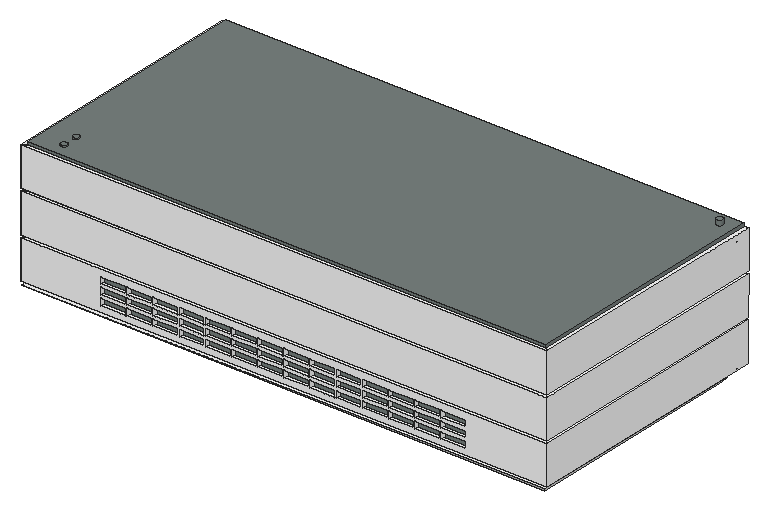
Revit family "AM 800 HBRE", category Mechanical Equipment, Revit 2019
Family settings
  Round Connector Dimension = Use Diameter
  Part Type = Normal
  OmniClass Number = 23.75.00.00
  OmniClass Title = Climate Control (HVAC)
  Work Plane-Based = No
  Always vertical = Yes
  Cut with Voids When Loaded = No
  Shared = No
  Room Calculation Point = No
Parameters
  Weight (Standard Unit) = 108  # constant formula
  Water Heater Surface Return = 10 mm  # constant formula
  Water Heater Surface IN = 10 mm  # constant formula
  URL = "www.airmaster-as.com"
  Total Width = 1910 mm  # constant formula
  Total Hight = 474 mm  # constant formula
  T-C Duct Exhaust = 252 mm  # constant formula
  T-C Duct Supply = 252 mm  # constant formula
  Suply Air In = 315 mm  # constant formula
  Sidepanlen Middel R [instance] = yes
  Side Panel Top R [instance] = yes
  Side Panel Top L [instance] = yes
  Side Panel Middle L [instance] = yes
  Side Panel Buttom R [instance] = yes
  Side Panel Buttom L [instance] = yes
  R-C Duct Exhaust = 222 mm  # constant formula
  Phase 1 - Max Power Consumption = "4035 W"
  Phase 1 - Max Current = "12 A"
  Nominal current, electrical preheating surface = "6,5 A"
  Nominal current, electrical comfort heating surface = "4,4 A"
  Nominal current, air handling unit = "1,1 A"
  Network Conection = "AWG 24 CAT 5e STP"
  Model = "AM 800 HBRE"
  Max. flow rate 35 dB(A) with ePM10 80% filters = 580.00 m³  # constant formula
  Max. flow rate 35 dB(A) with ePM10 55% filters = 653.00 m³  # constant formula
  Max. flow rate 35 dB(A) with ePM10 50% filters = 725.00 m³  # constant formula
  Max. flow rate 30 dB(A) with ePM10 80% filters = 520.00 m³  # constant formula
  Max. flow rate 30 dB(A) with ePM10 55% filters = 585.00 m³  # constant formula
  Max. flow rate 30 dB(A) with ePM10 50% filters = 650.00 m³  # constant formula
  Manufacturer = "Airmaster A/S"
  Maintenance [instance] = no
  L-C Duct ESupply = 255 mm  # constant formula
  Exhaust Air = 315 mm  # constant formula
  Total Depth = 916 mm  # constant formula
  Electrical connection = "1 ~ 230 V / N / PE / 50 Hz"
  Drawn By = "LSB"
  Condensate = 9 mm  # constant formula
  Center Panel Buttom [instance] = yes
  Center Panel Top [instance] = yes
  Center Panel Middle [instance] = yes
  BMS Panel = "(PTS) 2x2x0,6"
  BMS Out = "(PTS) 2x2x0,6"
  BMS IN = "(PTS) 2x2x0,6"
  Airflow area [instance] = no
  Air flow area [instance] = Airflow
Reference planes
  plane 1 "Center (Front/Back)": y = 0
  plane 2: z = 0
  plane 3 "Center (Left/Right)": x = 0
  plane 4 "Center L/S": y = -916
  plane 5 "Center L/T": x = -955
  plane 6 "Center L/U": x = 955
  plane 7 "TOP": z = 474
  plane 8 "Center L/V": x = -940
  plane 9 "Center L/W": y = -901
  plane 10 "Center L/X": x = 940
  plane 11 "Panel Buttom": z = 23
  plane 12 "Panel Top": z = 164.5
  plane 13 "Hatch": z = 14.5
  plane 14 "Center L/Z": z = 173.414
  plane 15 "Center L/AA": z = 314.914
  plane 16 "Center L/BB": z = 324.414
  plane 17 "Center L/CC": z = 465.914
Forms (mm)
  Extrusion 1, solid, material "AM Grey"
    sketch origin (0, 0, 0) x (1, 0, 0) y (0, 1, 0)
      loop
        line (-940, 0) -> (-940, -901) -> (940, -901) -> (940, 0) -> (-940, 0)
    from 14.5 to 474
  Extrusion 2, solid, material "AM White", visible <- "Side Panel Buttom L"
    sketch origin (794.5, -1524, 23) x (0, -1, 0) y (-1, 0, 0)
      loop
        line (-1524, 1749.5) -> (-1524, 1734.5) -> (-623, 1734.5) -> (-608, 1749.5) -> (-1524, 1749.5)
    from 0 to -141.5
  Blend 3, solid, material "AM White"
    base sketch origin (-790.646, -1524, 14.5) x (0, -1, 0) y (1, 0, 0)
      loop
        line (-608, -157.387) -> (-608, 1738.657) -> (-1435.677, 1738.657) -> (-1435.677, -157.387) -> (-608, -157.387)
    top sketch origin (-790.646, -1524, 14.5) x (0, -1, 0) y (1, 0, 0)
      loop
        line (-623, -146.037) -> (-623, 1727.646) -> (-1424.161, 1727.646) -> (-1424.161, -146.037) -> (-623, -146.037)
    from 0 to -14.5
  Extrusion 4, void
    sketch origin (1055.25, -916, 22.414) x (1, 0, 0) y (0, 0, -1)
      loop
        line (-1717.75, -118) -> (-1627.75, -118) -> (-1627.75, -93) -> (-1717.75, -93) -> (-1717.75, -118)
      loop
        line (-1717.75, -83) -> (-1627.75, -83) -> (-1627.75, -58) -> (-1717.75, -58) -> (-1717.75, -83)
      loop
        line (-1717.75, -48) -> (-1627.75, -48) -> (-1627.75, -23) -> (-1717.75, -23) -> (-1717.75, -48)
      loop
        line (-1622.75, -118) -> (-1532.75, -118) -> (-1532.75, -93) -> (-1622.75, -93) -> (-1622.75, -118)
      loop
        line (-1622.75, -83) -> (-1532.75, -83) -> (-1532.75, -58) -> (-1622.75, -58) -> (-1622.75, -83)
      loop
        line (-1622.75, -48) -> (-1532.75, -48) -> (-1532.75, -23) -> (-1622.75, -23) -> (-1622.75, -48)
      loop
        line (-1527.75, -118) -> (-1437.75, -118) -> (-1437.75, -93) -> (-1527.75, -93) -> (-1527.75, -118)
      loop
        line (-1527.75, -83) -> (-1437.75, -83) -> (-1437.75, -58) -> (-1527.75, -58) -> (-1527.75, -83)
      loop
        line (-1527.75, -48) -> (-1437.75, -48) -> (-1437.75, -23) -> (-1527.75, -23) -> (-1527.75, -48)
      loop
        line (-1432.75, -118) -> (-1342.75, -118) -> (-1342.75, -93) -> (-1432.75, -93) -> (-1432.75, -118)
      loop
        line (-1432.75, -83) -> (-1342.75, -83) -> (-1342.75, -58) -> (-1432.75, -58) -> (-1432.75, -83)
      loop
        line (-1432.75, -48) -> (-1342.75, -48) -> (-1342.75, -23) -> (-1432.75, -23) -> (-1432.75, -48)
      loop
        line (-1337.75, -118) -> (-1247.75, -118) -> (-1247.75, -93) -> (-1337.75, -93) -> (-1337.75, -118)
      loop
        line (-1337.75, -83) -> (-1247.75, -83) -> (-1247.75, -58) -> (-1337.75, -58) -> (-1337.75, -83)
      loop
        line (-1337.75, -48) -> (-1247.75, -48) -> (-1247.75, -23) -> (-1337.75, -23) -> (-1337.75, -48)
      loop
        line (-1242.75, -118) -> (-1152.75, -118) -> (-1152.75, -93) -> (-1242.75, -93) -> (-1242.75, -118)
      loop
        line (-1242.75, -83) -> (-1152.75, -83) -> (-1152.75, -58) -> (-1242.75, -58) -> (-1242.75, -83)
      loop
        line (-1242.75, -48) -> (-1152.75, -48) -> (-1152.75, -23) -> (-1242.75, -23) -> (-1242.75, -48)
      loop
        line (-1147.75, -118) -> (-1057.75, -118) -> (-1057.75, -93) -> (-1147.75, -93) -> (-1147.75, -118)
      loop
        line (-1147.75, -83) -> (-1057.75, -83) -> (-1057.75, -58) -> (-1147.75, -58) -> (-1147.75, -83)
      loop
        line (-1147.75, -48) -> (-1057.75, -48) -> (-1057.75, -23) -> (-1147.75, -23) -> (-1147.75, -48)
      loop
        line (-1052.75, -118) -> (-962.75, -118) -> (-962.75, -93) -> (-1052.75, -93) -> (-1052.75, -118)
      loop
        line (-1052.75, -83) -> (-962.75, -83) -> (-962.75, -58) -> (-1052.75, -58) -> (-1052.75, -83)
      loop
        line (-1052.75, -48) -> (-962.75, -48) -> (-962.75, -23) -> (-1052.75, -23) -> (-1052.75, -48)
      loop
        line (-957.75, -118) -> (-867.75, -118) -> (-867.75, -93) -> (-957.75, -93) -> (-957.75, -118)
      loop
        line (-957.75, -83) -> (-867.75, -83) -> (-867.75, -58) -> (-957.75, -58) -> (-957.75, -83)
      loop
        line (-957.75, -48) -> (-867.75, -48) -> (-867.75, -23) -> (-957.75, -23) -> (-957.75, -48)
      loop
        line (-862.75, -118) -> (-772.75, -118) -> (-772.75, -93) -> (-862.75, -93) -> (-862.75, -118)
      loop
        line (-862.75, -83) -> (-772.75, -83) -> (-772.75, -58) -> (-862.75, -58) -> (-862.75, -83)
      loop
        line (-862.75, -48) -> (-772.75, -48) -> (-772.75, -23) -> (-862.75, -23) -> (-862.75, -48)
      loop
        line (-767.75, -118) -> (-677.75, -118) -> (-677.75, -93) -> (-767.75, -93) -> (-767.75, -118)
      loop
        line (-767.75, -83) -> (-677.75, -83) -> (-677.75, -58) -> (-767.75, -58) -> (-767.75, -83)
      loop
        line (-767.75, -48) -> (-677.75, -48) -> (-677.75, -23) -> (-767.75, -23) -> (-767.75, -48)
      loop
        line (-672.75, -118) -> (-582.75, -118) -> (-582.75, -93) -> (-672.75, -93) -> (-672.75, -118)
      loop
        line (-672.75, -83) -> (-582.75, -83) -> (-582.75, -58) -> (-672.75, -58) -> (-672.75, -83)
      loop
        line (-672.75, -48) -> (-582.75, -48) -> (-582.75, -23) -> (-672.75, -23) -> (-672.75, -48)
      loop
        line (-577.75, -118) -> (-487.75, -118) -> (-487.75, -93) -> (-577.75, -93) -> (-577.75, -118)
      loop
        line (-577.75, -83) -> (-487.75, -83) -> (-487.75, -58) -> (-577.75, -58) -> (-577.75, -83)
      loop
        line (-577.75, -48) -> (-487.75, -48) -> (-487.75, -23) -> (-577.75, -23) -> (-577.75, -48)
      loop
        line (-482.75, -118) -> (-392.75, -118) -> (-392.75, -93) -> (-482.75, -93) -> (-482.75, -118)
      loop
        line (-482.75, -83) -> (-392.75, -83) -> (-392.75, -58) -> (-482.75, -58) -> (-482.75, -83)
      loop
        line (-482.75, -48) -> (-392.75, -48) -> (-392.75, -23) -> (-482.75, -23) -> (-482.75, -48)
    from 0 to 15
  Extrusion 5, solid, material "AM Grey"
    sketch origin (940, 0, 0) x (0, -1, 0) y (0, 0, -1)
      loop
        circle (48.75, -36.414) r 8
    from 0 to 15
  Extrusion 6, solid, material "AM Grey"
    sketch origin (-940, -878.072, 0.549) x (0, 1, 0) y (0, 0, -1)
      loop
        arc (97.447, -426.641) -> (85.619, -415.215) -> (74.05, -426.903) r 11.7
        arc (74.05, -426.903) -> (85.881, -438.614) -> (97.447, -426.641) r 11.7
    from 0 to 2
  Extrusion 7, solid, material "AM Grey"
    sketch origin (-940, -892.224, 0.658) x (0, 1, 0) y (0, 0, -1)
      loop
        arc (56.677, -428.239) -> (46.918, -415.112) -> (33.131, -423.914) r 12
        arc (33.131, -423.914) -> (42.582, -438.717) -> (56.677, -428.239) r 12
    from 0 to 2
  Extrusion 8, solid, material "AM Grey"
    sketch origin (-940, 0, 0) x (1, 0, 0) y (0, 0, -1)
      loop
        line (1459.628, -203.369) -> (1459.628, -438.369) -> (1819.628, -438.369) -> (1819.628, -203.369) -> (1459.628, -203.369)
    from 0 to 49
  Extrusion 9, solid, material "AM Grey"
    sketch origin (-785, 0, 0) x (1, 0, 0) y (0, 0, -1)
      loop
        line (-94.628, -438.369) -> (265.372, -438.369) -> (265.372, -203.369) -> (-94.628, -203.369) -> (-94.628, -438.369)
    from 0 to 49
  Extrusion 10, solid, material "AM Grey"
    sketch origin (-1697.474, 21.256, 474) x (1, 0, 0) y (0, 1, 0)
      loop
        arc (848.662, -826.53) -> (848, -804.55) -> (847.338, -826.53) r 11
        line (847.338, -826.53) -> (848.662, -826.53)
    from 0 to 2
  Extrusion 11, solid, material "AM Grey"
    sketch origin (-1697.474, 6.881, 474) x (1, 0, 0) y (0, 1, 0)
      loop
        arc (848.662, -867.28) -> (848, -845.3) -> (847.338, -867.28) r 11
        line (847.338, -867.28) -> (848.662, -867.28)
    from 0 to 2
  Extrusion 12, solid, material "Maintenece", visible <- "Maintenance"
    sketch origin (-790.646, -1524, 0) x (1, 0, 0) y (0, -1, 0)
      loop
        line (-164.354, -1524) -> (1745.646, -1524) -> (1745.646, -608) -> (-164.354, -608) -> (-164.354, -1524)
    from 0 to 1200
  Extrusion 13, void
    sketch origin (-955, 0, 23) x (0, 1, 0) y (0, 0, 1)
      loop
        line (-260.5, 116.914) -> (-350.5, 116.914) -> (-350.5, 88.55) -> (-260.5, 88.55) -> (-260.5, 116.914)
      loop
        line (-260.5, 83.55) -> (-350.5, 83.55) -> (-350.5, 55.55) -> (-260.5, 55.55) -> (-260.5, 83.55)
      loop
        line (-260.5, 50.55) -> (-350.5, 50.55) -> (-350.5, 22.55) -> (-260.5, 22.55) -> (-260.5, 50.55)
      loop
        line (-355.5, 116.914) -> (-445.5, 116.914) -> (-445.5, 88.55) -> (-355.5, 88.55) -> (-355.5, 116.914)
      loop
        line (-355.5, 83.55) -> (-445.5, 83.55) -> (-445.5, 55.55) -> (-355.5, 55.55) -> (-355.5, 83.55)
      loop
        line (-355.5, 50.55) -> (-445.5, 50.55) -> (-445.5, 22.55) -> (-355.5, 22.55) -> (-355.5, 50.55)
      loop
        line (-450.5, 116.914) -> (-540.5, 116.914) -> (-540.5, 88.55) -> (-450.5, 88.55) -> (-450.5, 116.914)
      loop
        line (-450.5, 83.55) -> (-540.5, 83.55) -> (-540.5, 55.55) -> (-450.5, 55.55) -> (-450.5, 83.55)
      loop
        line (-450.5, 50.55) -> (-540.5, 50.55) -> (-540.5, 22.55) -> (-450.5, 22.55) -> (-450.5, 50.55)
      loop
        line (-545.5, 116.914) -> (-635.5, 116.914) -> (-635.5, 88.55) -> (-545.5, 88.55) -> (-545.5, 116.914)
      loop
        line (-545.5, 83.55) -> (-635.5, 83.55) -> (-635.5, 55.55) -> (-545.5, 55.55) -> (-545.5, 83.55)
      loop
        line (-545.5, 50.55) -> (-635.5, 50.55) -> (-635.5, 22.55) -> (-545.5, 22.55) -> (-545.5, 50.55)
      loop
        line (-640.5, 116.914) -> (-730.5, 116.914) -> (-730.5, 88.55) -> (-640.5, 88.55) -> (-640.5, 116.914)
      loop
        line (-640.5, 83.55) -> (-730.5, 83.55) -> (-730.5, 55.55) -> (-640.5, 55.55) -> (-640.5, 83.55)
      loop
        line (-640.5, 50.55) -> (-730.5, 50.55) -> (-730.5, 22.55) -> (-640.5, 22.55) -> (-640.5, 50.55)
      loop
        line (-735.5, 116.914) -> (-825.5, 116.914) -> (-825.5, 88.55) -> (-735.5, 88.55) -> (-735.5, 116.914)
      loop
        line (-735.5, 83.55) -> (-825.5, 83.55) -> (-825.5, 55.55) -> (-735.5, 55.55) -> (-735.5, 83.55)
      loop
        line (-735.5, 50.55) -> (-825.5, 50.55) -> (-825.5, 22.55) -> (-735.5, 22.55) -> (-735.5, 50.55)
    from 0 to 15
  Extrusion 14, solid, material "AM Grey"
    sketch origin (0, 0, 474) x (1, 0, 0) y (0, 1, 0)
      loop
        arc (880.766, -33.956) -> (876.81, -38.388) -> (875.622, -44.209) r 11.4
        arc (875.622, -44.209) -> (897.19, -48.612) -> (880.766, -33.956) r 11.4
    from 0 to 15
  Extrusion 15, solid, material "AM Grey"
    sketch origin (940, 0, 0) x (0, -1, 0) y (0, 0, -1)
      loop
        circle (47.646, -447.784) r 8
    from 0 to 15
  Extrusion 16, solid, material "AM Grey"
    sketch origin (-940, 0, 0) x (1, 0, 0) y (0, 0, -1)
      loop
        circle (1813, -35) r 12
    from 0 to 15
  Extrusion 17, solid, material "AM White", visible <- "Sidepanlen Middel R"
    sketch origin (794.5, -1524, 173.414) x (0, -1, 0) y (-1, 0, 0)
      loop
        line (-1524, -160.5) -> (-608, -160.5) -> (-623, -145.5) -> (-1524, -145.5) -> (-1524, -160.5)
    from 0 to -141.5
  Extrusion 18, solid, material "AM White", visible <- "Center Panel Top"
    sketch origin (794.5, -1524, 324.414) x (0, -1, 0) y (-1, 0, 0)
      loop
        line (-608, -160.5) -> (-608, 1749.5) -> (-623, 1734.5) -> (-623, -145.5) -> (-608, -160.5)
    from 0 to -141.5
  Extrusion 19, solid, material "Airflow" <- "Air flow area", visible <- "Airflow area"
    sketch origin (-790.646, -1524, 0) x (1, 0, 0) y (0, -1, 0)
      loop
        line (-164.354, -1524) -> (-164.354, -608) -> (-664.354, -608) -> (-664.354, -1524) -> (-164.354, -1524)
    from 0 to -164.5
  Extrusion 20, solid, material "AM White"
    sketch origin (0, 0, 14.5) x (0, 1, 0) y (1, 0, 0)
      loop
        line (0, 940) -> (-88.323, 940) -> (-88.323, -940) -> (0, -940) -> (0, 940)
    from 0 to 3
  Extrusion 21, solid, material "AM White", visible <- "Side Panel Middle L"
    sketch origin (794.5, -1524, 173.414) x (0, -1, 0) y (-1, 0, 0)
      loop
        line (-1524, 1749.5) -> (-1524, 1734.5) -> (-623, 1734.5) -> (-608, 1749.5) -> (-1524, 1749.5)
    from 0 to -141.5
  Extrusion 22, solid, material "AM White", visible <- "Side Panel Top L"
    sketch origin (794.5, -1524, 324.414) x (0, -1, 0) y (-1, 0, 0)
      loop
        line (-1524, 1749.5) -> (-1524, 1734.5) -> (-623, 1734.5) -> (-608, 1749.5) -> (-1524, 1749.5)
    from 0 to -141.5
  Extrusion 23, solid, material "AM White", visible <- "Side Panel Top R"
    sketch origin (794.5, -1524, 324.414) x (0, -1, 0) y (-1, 0, 0)
      loop
        line (-1524, -160.5) -> (-608, -160.5) -> (-623, -145.5) -> (-1524, -145.5) -> (-1524, -160.5)
    from 0 to -141.5
  Extrusion 24, solid, material "AM White", visible <- "Side Panel Buttom R"
    sketch origin (794.5, -1524, 23) x (0, -1, 0) y (-1, 0, 0)
      loop
        line (-1524, -160.5) -> (-608, -160.5) -> (-623, -145.5) -> (-1524, -145.5) -> (-1524, -160.5)
    from 0 to -141.5
  Extrusion 25, solid, material "AM White"
    sketch origin (794.5, -1524, 173.414) x (0, -1, 0) y (-1, 0, 0)
      loop
        line (-608, -160.5) -> (-608, 1749.5) -> (-623, 1734.5) -> (-623, -145.5) -> (-608, -160.5)
    from 0 to -141.5
  Extrusion 26, solid, material "AM White"
    sketch origin (794.5, -1524, 23) x (0, -1, 0) y (-1, 0, 0)
      loop
        line (-608, -160.5) -> (-608, 1749.5) -> (-623, 1734.5) -> (-623, -145.5) -> (-608, -160.5)
    from 0 to -141.5
Cuts and joins
  Extrusion 4, Extrusion 13 cuts Extrusion 1
  Extrusion 4, Extrusion 13 cuts Extrusion 2
  Extrusion 4 cuts Extrusion 17
  Extrusion 4 cuts Extrusion 18
  Extrusion 4 cuts Extrusion 25
  Extrusion 4 cuts Extrusion 26
Dimensions and locks
  "Total Depth": plane 4 "Center L/S" to plane 1 "Center (Front/Back)"
  equal spacing: plane 5 "Center L/T", plane 3 "Center (Left/Right)", plane 6 "Center L/U"
  "Total Width": plane 5 "Center L/T" to plane 6 "Center L/U"
  "Total Hight": plane 7 "TOP" to level
  locked: plane 10 "Center L/X" to plane 6 "Center L/U" at 15
  locked: plane 4 "Center L/S" to plane 9 "Center L/W" at 15
  locked: plane 5 "Center L/T" to plane 8 "Center L/V" at 15
  Extrusion 1 to Blend 3 sketch curve = 99.839 mm
  Extrusion 16 sketch curve to plane 5 "Center L/T" = 1828 mm
  Extrusion 16 sketch curve to plane 7 "TOP" = 439 mm
  locked: Extrusion 9 sketch curve to Extrusion 9 sketch curve at 360
  locked: Extrusion 9 sketch curve to Extrusion 9 sketch curve at 235
  Extrusion 9 sketch curve to plane 7 "TOP" = 35.631 mm
  plane 5 "Center L/T" to Extrusion 9 sketch curve = 75.372 mm
  aligned and locked: level to plane 2
  aligned and locked: plane 1 "Center (Front/Back)" to Extrusion 1 sketch curve
  aligned and locked: Extrusion 1 sketch curve to plane 8 "Center L/V"
  aligned and locked: Extrusion 1 sketch curve to plane 9 "Center L/W"
  aligned and locked: Extrusion 1 sketch curve to plane 10 "Center L/X"
  aligned and locked: plane 7 "TOP" to Extrusion 1
  aligned and locked: plane 5 "Center L/T" to Extrusion 2 sketch curve
  aligned and locked: Extrusion 2 sketch curve to Extrusion 1
  aligned and locked: Extrusion 2 to plane 12 "Panel Top"
  aligned and locked: Blend 3 to plane 2
  aligned and locked: Extrusion 1 to plane 13 "Hatch"
  aligned and locked: Extrusion 12 sketch curve to cut or joined group of Extrusion 2, Extrusion 4, Extrusion 13  (x2)
  aligned and locked: Extrusion 17 to plane 15 "Center L/AA"
  aligned and locked: Extrusion 18 to plane 17 "Center L/CC"
Automatic sketch dimensions
  plane 1 "Center (Front/Back)" to Extrusion 2 sketch curve = 0 mm
  Extrusion 2 sketch curve to plane 9 "Center L/W" = 0 mm
  plane 4 "Center L/S" to Extrusion 2 sketch curve = 0 mm
  plane 4 "Center L/S" to Blend 3 sketch curve = 0 mm
  Blend 3 sketch curve to plane 6 "Center L/U" = 6.989 mm
  plane 1 "Center (Front/Back)" to Blend 3 sketch curve = 88.323 mm
  plane 5 "Center L/T" to Blend 3 sketch curve = 6.967 mm
  Blend 3 sketch curve to plane 9 "Center L/W" = 0 mm
  plane 8 "Center L/V" to Blend 3 sketch curve = 3.316 mm
  Blend 3 sketch curve to plane 10 "Center L/X" = 3 mm
  plane 17 "Center L/CC" to Extrusion 4 sketch curve = 325.5 mm  (x2)
  plane 8 "Center L/V" to Extrusion 4 sketch curve = 277.5 mm
  Extrusion 4 sketch curve to Extrusion 4 sketch curve = 0 mm  (x86)
  Extrusion 4 sketch curve to Extrusion 4 sketch curve = 90 mm  (x13)
  Extrusion 4 sketch curve to Extrusion 4 sketch curve = 5 mm  (x36)
  Extrusion 4 sketch curve to plane 3 "Center (Left/Right)" = 2.5 mm  (x3)
  plane 3 "Center (Left/Right)" to Extrusion 4 sketch curve = 2.5 mm  (x3)
  Extrusion 4 sketch curve to Extrusion 4 sketch curve = 25 mm  (x10)
  Extrusion 4 sketch curve to Extrusion 4 sketch curve = 10 mm  (x9)
  plane 16 "Center L/BB" to Extrusion 4 sketch curve = 279 mm  (x5)
  Extrusion 1 to Extrusion 5 sketch curve = 21.914 mm
  Extrusion 1 to Extrusion 5 sketch curve = 48.75 mm
  Extrusion 6 sketch curve to Extrusion 6 sketch curve = 0 mm  (x2)
  Extrusion 1 to Extrusion 6 sketch curve = 46.537 mm
  Extrusion 6 sketch curve to Extrusion 1 = 108.678 mm
  Extrusion 6 sketch curve to Extrusion 6 sketch curve = 11.7 mm
  Extrusion 6 sketch curve to Extrusion 6 sketch curve = 11.697 mm
  Extrusion 6 sketch curve to Extrusion 6 sketch curve = 0.011 mm
  Extrusion 7 sketch curve to Extrusion 7 sketch curve = 0 mm  (x2)
  Extrusion 7 sketch curve to Extrusion 1 = 53.526 mm
  Extrusion 1 to Extrusion 7 sketch curve = 46.428 mm
  Extrusion 7 sketch curve to Extrusion 7 sketch curve = 11.619 mm
  Extrusion 7 sketch curve to Extrusion 7 sketch curve = 11.927 mm
  Extrusion 7 sketch curve to Extrusion 7 sketch curve = 1.325 mm
  Extrusion 10 sketch curve to Extrusion 1 = 89.864 mm
  Extrusion 10 sketch curve to Extrusion 10 sketch curve = 0.662 mm
  Extrusion 10 sketch curve to Extrusion 1 = 95.726 mm
  Extrusion 10 sketch curve to Extrusion 10 sketch curve = 10.98 mm
  Extrusion 11 sketch curve to Extrusion 1 = 89.864 mm
  Extrusion 11 sketch curve to Extrusion 11 sketch curve = 0.662 mm
  Extrusion 11 sketch curve to Extrusion 1 = 40.601 mm
  Extrusion 11 sketch curve to Extrusion 11 sketch curve = 10.98 mm
  Extrusion 12 sketch curve to Blend 3 = 18 mm
  Extrusion 12 sketch curve to Blend 3 = 15 mm
  Extrusion 13 sketch curve to Extrusion 2 = 22.55 mm  (x2)
  Extrusion 2 to Extrusion 13 sketch curve = 90.5 mm
  Extrusion 13 sketch curve to Extrusion 13 sketch curve = 0 mm  (x33)
  Extrusion 13 sketch curve to Extrusion 13 sketch curve = 90 mm  (x6)
  Extrusion 13 sketch curve to Extrusion 13 sketch curve = 5 mm  (x21)
  Extrusion 13 sketch curve to Extrusion 13 sketch curve = 28 mm  (x6)
  Extrusion 13 sketch curve to Extrusion 2 = 24.586 mm  (x3)
  Extrusion 14 sketch curve to Extrusion 14 sketch curve = 0 mm  (x2)
  Extrusion 14 sketch curve to Extrusion 1 = 53 mm
  Extrusion 14 sketch curve to Extrusion 1 = 43.5 mm
  Extrusion 14 sketch curve to Extrusion 14 sketch curve = 6.234 mm
  Extrusion 14 sketch curve to Extrusion 14 sketch curve = 11.378 mm
  Extrusion 14 sketch curve to Extrusion 14 sketch curve = 0.709 mm
  Extrusion 1 to Extrusion 15 sketch curve = 47.646 mm
  Extrusion 1 to Extrusion 15 sketch curve = 26.216 mm
  plane 1 "Center (Front/Back)" to Extrusion 17 sketch curve = 0 mm
  plane 9 "Center L/W" to Extrusion 17 sketch curve = 0 mm
  plane 4 "Center L/S" to Extrusion 17 sketch curve = 0 mm
  Extrusion 17 sketch curve to plane 10 "Center L/X" = 0 mm
  Extrusion 17 sketch curve to plane 6 "Center L/U" = 0 mm
  plane 9 "Center L/W" to Extrusion 18 sketch curve = 0 mm
  plane 4 "Center L/S" to Extrusion 18 sketch curve = 0 mm
  Extrusion 18 sketch curve to plane 5 "Center L/T" = 0 mm
  Extrusion 18 sketch curve to plane 8 "Center L/V" = 0 mm
  Extrusion 18 sketch curve to plane 10 "Center L/X" = 0 mm
  Extrusion 18 sketch curve to plane 6 "Center L/U" = 0 mm
  Extrusion 19 sketch curve to Blend 3 = 99.839 mm
  Extrusion 19 sketch curve to Blend 3 = 518.316 mm
  Extrusion 19 sketch curve to Blend 3 = 18.316 mm
  Extrusion 19 sketch curve to Blend 3 = 15 mm
  Extrusion 20 sketch curve to Extrusion 1 = 0 mm  (x2)
  Extrusion 1 to Extrusion 20 sketch curve = 0 mm
  Extrusion 1 to Extrusion 20 sketch curve = 88.323 mm
  plane 1 "Center (Front/Back)" to Extrusion 21 sketch curve = 0 mm
  Extrusion 21 sketch curve to plane 8 "Center L/V" = 0 mm
  Extrusion 21 sketch curve to plane 9 "Center L/W" = 0 mm
  plane 4 "Center L/S" to Extrusion 21 sketch curve = 0 mm
  Extrusion 21 sketch curve to plane 5 "Center L/T" = 0 mm
  plane 1 "Center (Front/Back)" to Extrusion 22 sketch curve = 0 mm
  Extrusion 22 sketch curve to plane 8 "Center L/V" = 0 mm
  Extrusion 22 sketch curve to plane 9 "Center L/W" = 0 mm
  plane 4 "Center L/S" to Extrusion 22 sketch curve = 0 mm
  Extrusion 22 sketch curve to plane 5 "Center L/T" = 0 mm
  plane 1 "Center (Front/Back)" to Extrusion 23 sketch curve = 0 mm
  plane 9 "Center L/W" to Extrusion 23 sketch curve = 0 mm
  plane 4 "Center L/S" to Extrusion 23 sketch curve = 0 mm
  Extrusion 23 sketch curve to plane 10 "Center L/X" = 0 mm
  Extrusion 23 sketch curve to plane 6 "Center L/U" = 0 mm
  plane 1 "Center (Front/Back)" to Extrusion 24 sketch curve = 0 mm
  plane 9 "Center L/W" to Extrusion 24 sketch curve = 0 mm
  plane 4 "Center L/S" to Extrusion 24 sketch curve = 0 mm
  Extrusion 24 sketch curve to plane 10 "Center L/X" = 0 mm
  Extrusion 24 sketch curve to plane 6 "Center L/U" = 0 mm
  plane 9 "Center L/W" to Extrusion 25 sketch curve = 0 mm
  plane 4 "Center L/S" to Extrusion 25 sketch curve = 0 mm
  Extrusion 25 sketch curve to plane 5 "Center L/T" = 0 mm
  Extrusion 25 sketch curve to plane 8 "Center L/V" = 0 mm
  Extrusion 25 sketch curve to plane 10 "Center L/X" = 0 mm
  Extrusion 25 sketch curve to plane 6 "Center L/U" = 0 mm
  plane 9 "Center L/W" to Extrusion 26 sketch curve = 0 mm
  plane 4 "Center L/S" to Extrusion 26 sketch curve = 0 mm
  Extrusion 26 sketch curve to plane 5 "Center L/T" = 0 mm
  Extrusion 26 sketch curve to plane 8 "Center L/V" = 0 mm
  Extrusion 26 sketch curve to plane 10 "Center L/X" = 0 mm
  Extrusion 26 sketch curve to plane 6 "Center L/U" = 0 mm
  Extrusion 1 to Extrusion 8 sketch curve = 35.631 mm
  Extrusion 1 to Extrusion 8 sketch curve = 188.869 mm
  Extrusion 8 sketch curve to Extrusion 1 = 60.372 mm
  Extrusion 8 sketch curve to Extrusion 8 sketch curve = 360 mm
  radius of Extrusion 5 sketch curve = 8 mm
  radius of Extrusion 15 sketch curve = 8 mm
  radius of Extrusion 16 sketch curve = 12 mm
Nested families
  nested 1: "Model Label 2019" at (10, -361.924, 0), Label <- "Model", type "Model Label 2019"
    with Label "AM 800 HBRE"
  nested 2: "indblæssymbol" at (11.742, -966, 0) x (0, -1, 0) z (0, 0, 1), type "indblæssymbol"
    with dX_ 609 mm, dX 609 mm, ang2D 0.00°
  nested 3: "Pil Indtag" at (-1505, -460, 0), type "Pil Indtag"
    with dX_ 609 mm, dX 609 mm, ang2D 0.00°
Connectors
  piping at (-942, -847.32, 426.735), diameter 10, driven by "Water Heater Surface IN"
    settings: on Extrusion 7, index 6, connector inside diameter 609.6 mm, connector length 0 mm, flow factor 0, pipe flow 0.0 L/s, pressure drop 0.0 Pa, fitting loss kfactor 0, connector angle 0.00°, fixture units 0, engagement length 0 mm, angle of deflection 0.00°, flow configuration 0, flow direction 1, fitting loss method 0, system type 7, joint type 0, gender type 0, connector reference index -1, connector utility 0, adjustable connector no, is connector primary yes, connector description ""
  piping at (-942, -792.324, 427.321), diameter 10, driven by "Water Heater Surface Return"
    settings: on Extrusion 6, index 7, connector inside diameter 609.6 mm, connector length 0 mm, flow factor 0, pipe flow 0.0 L/s, pressure drop 0.0 Pa, fitting loss kfactor 0, connector angle 0.00°, fixture units 0, engagement length 0 mm, angle of deflection 0.00°, flow configuration 0, flow direction 2, fitting loss method 0, system type 8, joint type 0, gender type 0, connector reference index -1, connector utility 0, adjustable connector no, is connector primary no, connector description ""
  piping at (-849.474, -860.399, 476), diameter 10, driven by "Water Heater Surface IN"
    settings: on Extrusion 11, index 11, connector inside diameter 609.6 mm, connector length 0 mm, flow factor 0, pipe flow 0.0 L/s, pressure drop 0.0 Pa, fitting loss kfactor 0, connector angle 0.00°, fixture units 0, engagement length 0 mm, angle of deflection 0.00°, flow configuration 0, flow direction 0, fitting loss method 0, system type 19, joint type 0, gender type 0, connector reference index -1, connector utility 0, adjustable connector no, is connector primary no, connector description ""
  piping at (-849.474, -805.274, 476), diameter 10, driven by "Water Heater Surface Return"
    settings: on Extrusion 10, index 12, connector inside diameter 609.6 mm, connector length 0 mm, flow factor 0, pipe flow 0.0 L/s, pressure drop 0.0 Pa, fitting loss kfactor 0, connector angle 0.00°, fixture units 0, engagement length 0 mm, angle of deflection 0.00°, flow configuration 0, flow direction 0, fitting loss method 0, system type 19, joint type 0, gender type 0, connector reference index -1, connector utility 0, adjustable connector no, is connector primary no, connector description ""
  electrical at (955, -47.646, 447.784)
    settings: on Extrusion 15, index 13, voltage 230 V, apparent load 0 VA, apparent load phase1 0 VA, apparent load phase2 0 VA, apparent load phase3 0 VA, power factor 0.56, load classification "Other", number of poles 1, system type 30, power factor state 1, is connector primary yes, connector utility no, sub classification motor no, connector description ""
  electrical at (878.194, -39.082, 489)
    settings: on Extrusion 14, index 14, voltage 230 V, apparent load 0 VA, apparent load phase1 0 VA, apparent load phase2 0 VA, apparent load phase3 0 VA, power factor 0.56, load classification "Other", number of poles 1, system type 30, power factor state 1, is connector primary no, connector utility no, sub classification motor no, connector description ""
  piping at (955, -48.75, 36.414), diameter 9, driven by "Condensate"
    settings: on Extrusion 5, index 15, connector inside diameter 609.6 mm, connector length 0 mm, flow factor 0, pipe flow 0.0 L/s, pressure drop 0.0 Pa, fitting loss kfactor 0, connector angle 0.00°, fixture units 0, engagement length 0 mm, angle of deflection 0.00°, flow configuration 0, flow direction 0, fitting loss method 0, system type 16, joint type 0, gender type 0, connector reference index -1, connector utility 0, adjustable connector no, is connector primary no, connector description ""
  piping at (873, 15, 35), diameter 9, driven by "Condensate"
    settings: on Extrusion 16, index 16, connector inside diameter 609.6 mm, connector length 0 mm, flow factor 0, pipe flow 0.0 L/s, pressure drop 0.0 Pa, fitting loss kfactor 0, connector angle 0.00°, fixture units 0, engagement length 0 mm, angle of deflection 0.00°, flow configuration 0, flow direction 0, fitting loss method 0, system type 16, joint type 0, gender type 0, connector reference index -1, connector utility 0, adjustable connector no, is connector primary no, connector description ""
  hvac at (699.628, 0, 320.869), driven by "Exhaust Air"
    settings: on Extrusion 8, index 17, duct flow 0.0 L/s, flow factor 0, pres drop 0.0 Pa, loss coef 0, conn angle 0.00°, conn width 360 mm, conn height 235 mm, conn diameter 315 mm, duct sys type 3, conn prof type 1, flow config 0, flow direction 2, loss method 0, conn ref index -1, conn util no, is conn primary yes, conn desc ""
  hvac at (-699.628, 0, 320.869), driven by "Suply Air In"
    settings: on Extrusion 9, index 18, duct flow 0.0 L/s, flow factor 0, pres drop 0.0 Pa, loss coef 0, conn angle 0.00°, conn width 360 mm, conn height 235 mm, conn diameter 315 mm, duct sys type 1, conn prof type 1, flow config 0, flow direction 1, loss method 0, conn ref index -1, conn util no, is conn primary no, conn desc ""
Definition of nested family "Model Label 2019"
  Parameters (values of type "Model Label 2019")
    Label [instance] = ""
  Reference planes
    plane 1: y = 0
    plane 2: x = 0
  Text (mm)
    label "Label" at (-0.131, 0.049, 0), shows "Label"
Definition of nested family "indblæssymbol"
  Parameters (values of type "indblæssymbol")
    dX_ [instance] = if(dX = 0 mm, 1 mm, dX)  # 609 mm
    dX [instance] = 609 mm
    ang2D [instance] = 0.00°
    Type Comments = "DO NOT CHANGE dX value from 608 mm ( 2 ft )"
    Afstand pil = 50 mm
  Reference planes
    plane 1 "Center (Front/Back)": y = 0
    plane 2: z = 0
    plane 3 "Center (Left/Right)": x = 0
  Lines and regions (mm)
    Filled region 1, type "Concrete", in view "Ref. Level"
      outline origin (50.005, 0, 0) x (1, 0, 0) y (0, 1, 0)
        loop
          line (399.995, 0.414) -> (301.442, 17.365) -> (301.588, -17.365) -> (399.995, 0.414)
    reference lines, in view "Ref. Level"
      curve 1: line (50, 134.129, 0) -> (50, -145.871, 0)
    detail lines, in view "Ref. Level"
      curve 2: line (351.52, 0, 0) -> (50, 0, 0)
  Dimensions and locks
    "Afstand pil": plane 3 "Center (Left/Right)" to curve 1
    curve 1 to Filled region 1 = 400 mm
  Automatic sketch dimensions
    Filled region 1 sketch curve to plane 1 "Center (Front/Back)" = 0.414 mm
    plane 3 "Center (Left/Right)" to Filled region 1 sketch curve = 450 mm
    plane 1 "Center (Front/Back)" to Filled region 1 sketch curve = 17.365 mm
    Filled region 1 sketch curve to Filled region 1 sketch curve = 98.407 mm
    Filled region 1 sketch curve to plane 1 "Center (Front/Back)" = 17.365 mm
    Filled region 1 sketch curve to Filled region 1 sketch curve = 0.146 mm
    plane 1 "Center (Front/Back)" to curve 2 = 0 mm
    plane 3 "Center (Left/Right)" to curve 2 = 50 mm
    curve 2 to curve 2 = 301.52 mm
    plane 1 "Center (Front/Back)" to curve 1 = 145.871 mm
    curve 1 to plane 1 "Center (Front/Back)" = 134.129 mm
Definition of nested family "Pil Indtag"
  Parameters (values of type "Pil Indtag")
    dX_ [instance] = if(dX = 0 mm, 1 mm, dX)  # 609 mm
    dX [instance] = 609 mm
    ang2D [instance] = 0.00°
    Type Comments = "DO NOT CHANGE dX value from 608 mm ( 2 ft )"
    Afstand pil = 50 mm
  Reference planes
    plane 1 "Center (Front/Back)": y = 0
    plane 2: z = 0
    plane 3 "Center (Left/Right)": x = 0
    plane 4: x = 500
  Lines and regions (mm)
    Filled region 1, type "Concrete", in view "Ref. Level"
      outline origin (0, 0, 0) x (1, 0, 0) y (0, 1, 0)
        loop
          line (499.552, 0) -> (401.072, 17.365) -> (401.072, -17.365) -> (499.552, 0)
    reference lines, in view "Ref. Level"
      curve 1: line (50, 134.129, 0) -> (50, -145.871, 0)
    detail lines, in view "Ref. Level", not visible
      curve 2: arc (335, 0, 0) -> (385.559, -50.321, 0) -> (434.999, 1.101, 0) r 50.01
      curve 3: arc (335, 0, 0) -> (285.666, 52.633, 0) -> (235.069, 1.212, 0) r 50.01
      curve 4: line (434.999, 1.101, 0) -> (434.999, 21.156, 0)
      curve 5: line (235.069, 1.212, 0) -> (235.069, -18.844, 0)
    detail lines, in view "Ref. Level"
      curve 6: arc (225.332, 0, 0) -> (272.332, -35.211, 0) -> (294.114, 19.326, 0) r 36.995
      curve 7: arc (225.206, 0, 0) -> (173.868, 30.307, 0) -> (156.85, -26.829, 0) r 37.835
      curve 8: line (499.552, 0, 0) -> (401.072, 17.365, 0)
      curve 9: line (401.072, 17.365, 0) -> (401.072, -17.365, 0)
      curve 10: line (401.072, -17.365, 0) -> (499.552, 0, 0)
      curve 11: line (499.552, 0, 0) -> (-15.448, 0, 0)
  Dimensions and locks
    "Afstand pil": plane 3 "Center (Left/Right)" to curve 1
    plane 3 "Center (Left/Right)" to plane 4 = 500 mm
  Automatic sketch dimensions
    plane 1 "Center (Front/Back)" to Filled region 1 sketch curve = 0 mm
    Filled region 1 sketch curve to plane 4 = 0.448 mm
    plane 1 "Center (Front/Back)" to Filled region 1 sketch curve = 17.365 mm
    Filled region 1 sketch curve to plane 4 = 98.928 mm
    Filled region 1 sketch curve to plane 1 "Center (Front/Back)" = 17.365 mm
    plane 1 "Center (Front/Back)" to curve 11 = 0 mm
    plane 1 "Center (Front/Back)" to curve 7 = 4.913 mm
    plane 3 "Center (Left/Right)" to curve 7 = 187.691 mm
    curve 6 to plane 1 "Center (Front/Back)" = 0.405 mm
    curve 7 to curve 6 = 74.634 mm
    curve 9 to plane 1 "Center (Front/Back)" = 17.365 mm
    curve 9 to plane 4 = 98.928 mm
    curve 11 to plane 4 = 0.448 mm
    plane 1 "Center (Front/Back)" to curve 10 = 17.365 mm
    curve 7 to curve 7 = 30.842 mm
    curve 11 to plane 3 "Center (Left/Right)" = 15.448 mm
    curve 7 to curve 6 = 37.119 mm
    curve 7 to curve 6 = 0.126 mm
    curve 6 to plane 1 "Center (Front/Back)" = 19.326 mm
    plane 1 "Center (Front/Back)" to curve 1 = 145.871 mm
    curve 1 to plane 1 "Center (Front/Back)" = 134.129 mm
